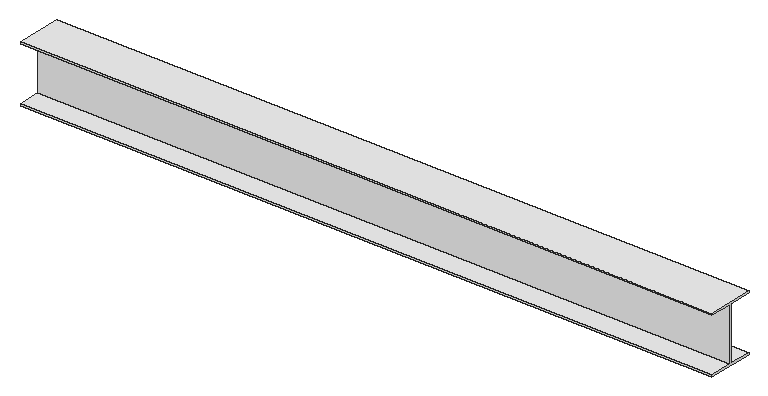
Revit family "VSE - Vigas com solda elétrica", category Quadro estrutural, Revit 2019
Family settings
  Arredondamento do comprimento do framing estrutural = 1 mm
  Forma do corte = Não definido
  Material para o comportamento do modelo = Aço
  Exportar sempre como geometria = Não
  Sempre na vertical = Sim
  Corte com vazios quando carregada = Não
  Representação simbólica = Das configurações de projeto
  Compartilhado = Não
  Exibir o pré-corte da família na vista da planta = Sim
Parameters (values of type "VE 100x6")
  d1 = d - 2 * tf  # 94 mm
  W = 0.006
  Type Comments = ""
  Structural Material [instance] = Metal - Aço - 250 MPa
  Assembly Code = ""
  Length [instance] = 1500 mm
  bf = 80 mm
  d = 100 mm
  tf = 3 mm
  tw = 3 mm
  A = 0.00076 m²
Reference planes
  plane 1 "Centro (Frente/Trás)": y = 0
  plane 2: z = 0
  plane 3 "Centro (Esquerda/Direita)": x = 4.61
  plane 4 "Membro esquerdo": x = -604.99
  plane 5 "Membro direito": x = 614.21
  plane 6: y = 40
  plane 7: y = -40
  plane 8 "Superior": z = 50
  plane 9: z = -50
  plane 10 "Esquerda": x = -757.39
  plane 11 "Direita": x = 742.61
  plane 12: z = 47
  plane 13: z = -47
Forms (mm)
  Sweep 1, solid, material "Metal - Aço - 250 MPa" <- "Structural Material", detail levels medium+fine
    path origin (0, 0, 0) x (1, 0, 0) y (0, 1, 0)
      loop
        line (614.21, 0) -> (-604.99, 0)
    profile "WB-Vigas Soladas-Perfil : WB-Vigas Soladas-Perfil" origin (4.61, 0, 0) x (0, -1, 0) y (0, 0, 1)
      loop
        line (-40, -50) -> (40, -50) -> (40, -47) -> (1.5, -47) -> (1.5, 47) -> (40, 47) -> (40, 50) -> (-40, 50) -> (-40, 47) -> (-1.5, 47) -> (-1.5, -47) -> (-40, -47) -> (-40, -50)
Lines and regions (mm)
  symbolic lines, style "Faces ocultas", detail levels medium+fine
    curve 1: line (614.21, -1.5, 0) -> (-604.99, -1.5, 0)
    curve 2: line (614.21, 1.5, 0) -> (-604.99, 1.5, 0)
  symbolic lines, style "Símbolos de vara", detail levels coarse
    curve 3: line (4.61, 40, 50) -> (4.61, -40, 50)
    curve 4: line (4.61, -40, -50) -> (4.61, 40, -50)
    curve 5: line (4.61, 0, 50) -> (4.61, 0, -50)
Dimensions and locks
  "bf": plane 6 to plane 7
  "d": plane 9 to plane 8 "Superior"
  equal spacing: plane 9, plane 2, plane 8 "Superior"
  equal spacing: plane 6, plane 1 "Centro (Frente/Trás)", plane 7
  "Length": plane 10 "Esquerda" to plane 11 "Direita"
  "tw": curve 2 to curve 1
  equal spacing: curve 2, plane 1 "Centro (Frente/Trás)", curve 1
  equal spacing: plane 12, plane 2, plane 13
  "d1": plane 12 to plane 13
  aligned and locked: Sweep 1 sketch curve to plane 1 "Centro (Frente/Trás)"
  aligned and locked: plane 4 "Membro esquerdo" to Sweep 1 sketch curve
  aligned and locked: plane 5 "Membro direito" to Sweep 1 sketch curve
  aligned and locked: plane 4 "Membro esquerdo" to curve 1
  aligned and locked: plane 5 "Membro direito" to curve 1
  aligned and locked: plane 4 "Membro esquerdo" to curve 2
  aligned and locked: plane 5 "Membro direito" to curve 2
Automatic sketch dimensions
  curve 5 to plane 1 "Centro (Frente/Trás)" = 0 mm
  curve 3 to plane 7 = 0 mm
  curve 4 to plane 7 = 0 mm
  curve 4 to plane 6 = 0 mm
  curve 3 to plane 6 = 0 mm
  plane 9 to curve 4 = 0 mm
  plane 8 "Superior" to curve 5 = 0 mm
Types in the file's own list only (16): name | d1 | W | bf | d | tf | tw | A
  VE 150x11 | 141 mm | 0.0108 | 100 mm | 150 mm | 5 mm | 3 mm | 0.00 m²
  VE 200x14 | 191 mm | 0.0138 | 125 mm | 200 mm | 5 mm | 3 mm | 0.00 m²
  VE 250x19 | 241 mm | 0.0183 | 125 mm | 250 mm | 5 mm | 5 mm | 0.00 m²
  VE 300x26 | 287 mm | 0.0257 | 150 mm | 300 mm | 6 mm | 5 mm | 0.00 m²
  VE 350x35 | 334 mm | 0.0344 | 175 mm | 350 mm | 8 mm | 5 mm | 0.00 m²
  VE 400x44 | 381 mm | 0.044 | 200 mm | 400 mm | 10 mm | 5 mm | 0.01 m²
  VE 450x59 | 431 mm | 0.0598 | 250 mm | 450 mm | 10 mm | 6 mm | 0.01 m²
  CE 150x20 | 137 mm | 0.0201 | 150 mm | 150 mm | 6 mm | 5 mm | 0.00 m²
  CE 200x34 | 184 mm | 0.0343 | 200 mm | 200 mm | 8 mm | 6 mm | 0.00 m²
  CE 250x49 | 231 mm | 0.0488 | 250 mm | 250 mm | 10 mm | 6 mm | 0.01 m²
  CE 300x76 | 275 mm | 0.0761 | 300 mm | 300 mm | 13 mm | 8 mm | 0.01 m²
  VEE 100x11 | 91 mm | 0.0108 | 100 mm | 100 mm | 5 mm | 5 mm | 0.00 m²
  VEE 150x18 | 134 mm | 0.0176 | 100 mm | 150 mm | 8 mm | 5 mm | 0.00 m²
  VEE 200x26 | 181 mm | 0.0254 | 125 mm | 200 mm | 10 mm | 5 mm | 0.00 m²
  VEE 250x35 | 231 mm | 0.0347 | 175 mm | 250 mm | 10 mm | 5 mm | 0.00 m²
  VEE 300x50 | 275 mm | 0.0495 | 200 mm | 300 mm | 13 mm | 5 mm | 0.01 m²
